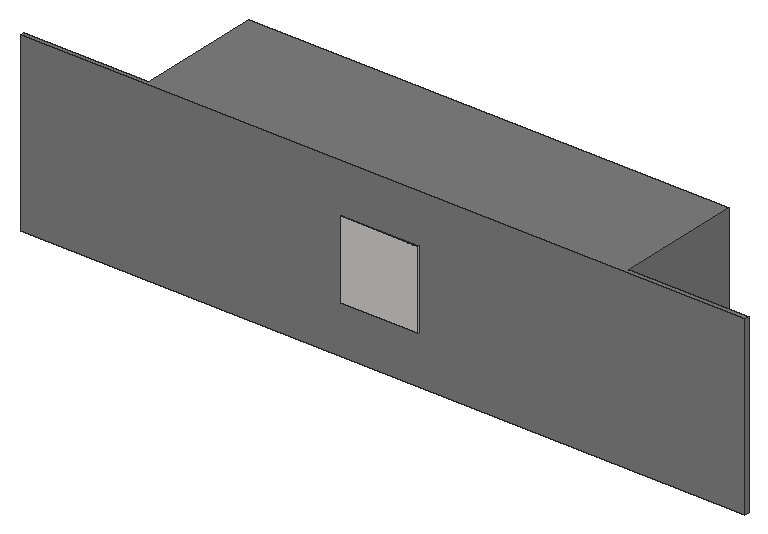
Revit family "2200V", category Generic Models, Revit 2021
Family settings
  Can host rebar = No
  Round Connector Dimension = Use Diameter
  Part Type = Normal
  Work Plane-Based = No
  Always vertical = Yes
  Cut with Voids When Loaded = No
  Shared = No
  Room Calculation Point = No
Parameters (values of type "Standard")
  e-mail = "info@vola.com"
  URL = "http://vola.com"
  Telephone = "+45 7023 5500"
  Quality management standard = "ISO 9001"
  Organisation no. / DUNS no. = "17531328"
  Occupational health and safety management standard = "ISO 18001"
  Mounting Instructions = "http://vola.com/service/producturl.ashx?name=2200V"
  Model = "2200V"
  Materials and components information = "http://vola.com/service/producturl.ashx?name=2200V"
  Manufacturer = "VOLA A/S"
  Maintenance Instructions = "http://vola.com/service/producturl.ashx?name=2200V"
  Guarantee = "2 years"
  Flow = "25,00 l/min"
  Environmental management standard = "ISO 14000"
  Default Elevation = 0.00 mm
  Connection - All relevant connections = ""
  Approvals = "http://vola.com/service/producturl.ashx?name=2200V"
Reference planes
  plane 1 "Center (Front/Back)": y = 0
  plane 2: z = 0
  plane 3 "Center (Left/Right)": x = 0
  plane 4 "Front Plane": y = -71.2
  plane 5 "Inlet Center Plane": y = -25
  plane 6: z = 70
Forms (mm)
  Extrusion 1, solid, material "Stainless Steel"
    sketch origin (1071.5, -2.5, 1) x (-1, 0, 0) y (0, 0, -1)
      loop
        line (1092.5, -90) -> (1092.5, -48) -> (1050.5, -48) -> (1050.5, -90) -> (1092.5, -90)
    from 68 to 68.7
  Extrusion 2, solid, material "Default"
    sketch origin (0, 0, 1) x (1, 0, 0) y (0, 1, 0)
      loop
        line (-127.5, 0) -> (-127.5, -68) -> (132.5, -68) -> (132.5, 0) -> (-127.5, 0)
    from 21.5 to 116.5
  Extrusion 3, solid, material "Stainless Steel"
    sketch origin (0, 0, 22.5) x (0, 1, 0) y (1, 0, 0)
      loop
        circle (-25, 27) r 14
    from 0 to 22.5
  Extrusion 4, solid, material "Stainless Steel"
    sketch origin (-54, 0, 22.5) x (0, 1, 0) y (1, 0, 0)
      loop
        circle (-25, 27) r 14
    from 0 to 22.5
  Extrusion 5, solid, material "Default"
    sketch origin (0, 0, 0) x (1, 0, 0) y (0, 1, 0)
      loop
        line (-195, -68) -> (-195, -70.5) -> (197.5, -70.5) -> (197.5, -68) -> (-195, -68)
    from 22.5 to 117.5
Cuts and joins
  joined: Extrusion 2, Extrusion 5
Lines and regions (mm)
  reference lines
    curve 1: line (0, -25, 70) -> (0, -122.5, 70)
    curve 2: line (-27, -25, 70) -> (-27, -25, -29)
    curve 3: line (27, -25, 70) -> (27, -25, -29)
    curve 4: line (0, -25.2, 70) -> (0, -25.2, 169)
Dimensions and locks
  aligned and locked: plane 2 to level
  aligned and locked: plane 6 to curve 3
  aligned and locked: plane 6 to curve 2
  aligned and locked: Extrusion 2 to Extrusion 5
  aligned and locked: Extrusion 5 to Extrusion 2
